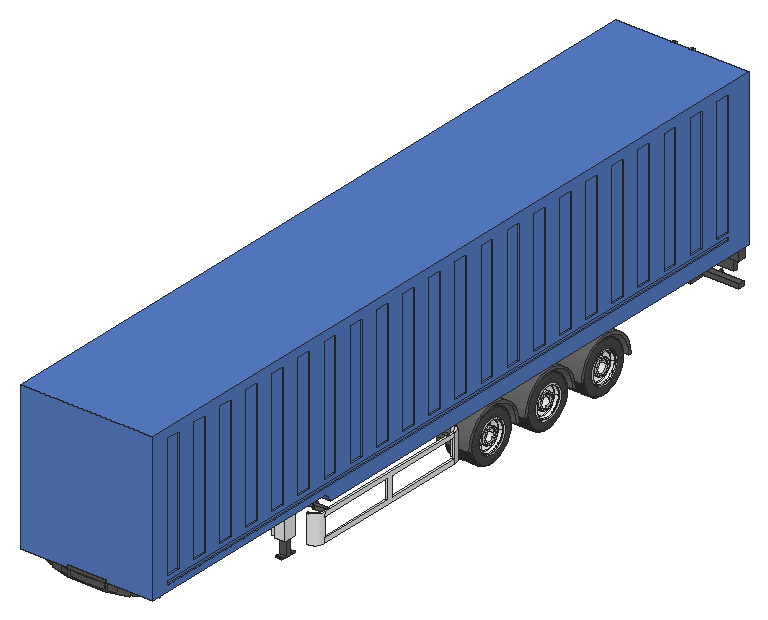
Revit family "Lorry Trailer", category Generic Models, Revit 2013
Parameters
  Zadní odrazka [instance] = Plast - světle oranžový
  Materiál zadního nárazníku [instance] = Metalíza - černá
  Materiál podvozku [instance] = Metalíza - černá
  Materiál opěrných noh [instance] = Metalíza - černá
  Materiál krytu kol [instance] = Plast - tmavě šedý
  Materiál krytu opěrek [instance] = Hliník - eloxovaný
  Materiál kování dveří [instance] = Ocel - černá
  Materiál držáku krytu [instance] = Plast - tmavě šedý
  Materiál bočních krytů [instance] = Ocel - černá
  Materiál boxu [instance] = Metalíza - modrá
Reference planes (m)
  plane 1 "Centro (Fronte/Retro)": y = 0
  plane 2: z = 0
  plane 3 "Centro (Sinistra/Destra)": x = 0
  plane 4: y = 13.73
  plane 5: y = 1.655
  plane 6: y = 8.03
  plane 7: y = 9.34
  plane 8: y = 10.65
  plane 9: y = 3.73
  plane 10: z = 1.08
  plane 11: z = 1.3
  plane 12: x = -1.2
  plane 13: x = 1.2
  plane 14: x = 1.24
  plane 15: x = -1.24
Forms (m)
  Sweep 1, solid, material "Metalíza - černá" <- "Materiál podvozku"
    path origin (0, 0, -0.12) x (0, 1, 0) y (0, 0, -1)
      loop
        line (3.73, -1.2) -> (13.73, -1.2)
    profile origin (0, 8.73, 1.08) x (0, 0, -1) y (-1, 0, 0)
      loop
        line (0, -0.52) -> (0, -0.555) -> (0.02375, -0.555) -> (0.02375, -0.5375) -> (0.375, -0.5375) -> (0.375, -0.555) -> (0.4, -0.555) -> (0.4, -0.52) -> (0.4, -0.435) -> (0.375, -0.435) -> (0.375, -0.4525) -> (0.02375, -0.4525) -> (0.02375, -0.435) -> (0, -0.435) -> (0, -0.52)
  Extrusion 2, solid, material "Plast - tmavě šedý" <- "Materiál krytu kol"
    sketch origin (0, 0, 0) x (0, 1, 0) y (0, 0, 1)
      loop
        arc (7.485858, 0.46) -> (8.022929, 0.997071) -> (8.56, 0.46) r 0.537071
        line (8.56, 0.46) -> (8.6, 0.46)
        arc (8.6, 0.46) -> (8.022929, 1.037071) -> (7.445858, 0.46) r 0.577071
        line (7.445858, 0.46) -> (7.485858, 0.46)
    from 0.601472 to 1.2
  Extrusion 3, solid, material "Plast - tmavě šedý" <- "Materiál krytu kol"
    sketch origin (0, 1.31, 0) x (0, 1, 0) y (0, 0, 1)
      loop
        arc (7.485858, 0.46) -> (8.022929, 0.997071) -> (8.56, 0.46) r 0.537071
        line (8.56, 0.46) -> (8.6, 0.46)
        arc (8.6, 0.46) -> (8.022929, 1.037071) -> (7.445858, 0.46) r 0.577071
        line (7.445858, 0.46) -> (7.485858, 0.46)
    from 0.601472 to 1.2
  Extrusion 4, solid, material "Plast - tmavě šedý" <- "Materiál krytu kol"
    sketch origin (0, 2.62, 0) x (0, 1, 0) y (0, 0, 1)
      loop
        arc (7.485858, 0.46) -> (8.022929, 0.997071) -> (8.56, 0.46) r 0.537071
        line (8.56, 0.46) -> (8.6, 0.46)
        arc (8.6, 0.46) -> (8.022929, 1.037071) -> (7.445858, 0.46) r 0.577071
        line (7.445858, 0.46) -> (7.485858, 0.46)
    from 0.601472 to 1.2
  Extrusion 5, solid, material "Plast - tmavě šedý" <- "Materiál krytu kol"
    sketch origin (0, 0, 0) x (0, 1, 0) y (0, 0, -1)
      loop
        line (7.485858, -0.46) -> (7.445858, -0.46)
        arc (7.445858, -0.46) -> (8.022929, -1.037071) -> (8.6, -0.46) r 0.577071
        line (8.6, -0.46) -> (8.56, -0.46)
        arc (8.56, -0.46) -> (8.022929, -0.997071) -> (7.485858, -0.46) r 0.537071
    from 0.601472 to 1.2
  Extrusion 6, solid, material "Plast - tmavě šedý" <- "Materiál krytu kol"
    sketch origin (0, 1.31, 0) x (0, 1, 0) y (0, 0, -1)
      loop
        line (7.485858, -0.46) -> (7.445858, -0.46)
        arc (7.445858, -0.46) -> (8.022929, -1.037071) -> (8.6, -0.46) r 0.577071
        line (8.6, -0.46) -> (8.56, -0.46)
        arc (8.56, -0.46) -> (8.022929, -0.997071) -> (7.485858, -0.46) r 0.537071
    from 0.601472 to 1.2
  Extrusion 7, solid, material "Plast - tmavě šedý" <- "Materiál krytu kol"
    sketch origin (0, 2.62, 0) x (0, 1, 0) y (0, 0, -1)
      loop
        line (7.485858, -0.46) -> (7.445858, -0.46)
        arc (7.445858, -0.46) -> (8.022929, -1.037071) -> (8.6, -0.46) r 0.577071
        line (8.6, -0.46) -> (8.56, -0.46)
        arc (8.56, -0.46) -> (8.022929, -0.997071) -> (7.485858, -0.46) r 0.537071
    from 0.601472 to 1.2
  Extrusion 8, solid, material "Metalíza - černá" <- "Materiál podvozku"
    sketch origin (0, 0, 0) x (0, 1, 0) y (0, 0, 1)
      loop
        line (0.125701, 1.3) -> (0.125701, 1.099053) -> (2.654861, 1.08) -> (3.233592, 0.977954)
        arc (3.233592, 0.977954) -> (3.50284, 0.879748) -> (3.73, 0.705) r 0.940336
        line (3.73, 0.705) -> (4.23, 0.705) -> (4.23, 1.01437) -> (4.03, 1.3) -> (3.73, 1.3) -> (0.125701, 1.3)
    from -0.418281 to -0.337018
  Extrusion 9, solid, material "Metalíza - černá" <- "Materiál podvozku"
    sketch origin (0, 0, 0) x (1, 0, 0) y (0, 1, 0)
      loop
        line (-0.337018, 3.93) -> (-0.337018, 3.793959) -> (0.337018, 3.793959) -> (0.337018, 3.93) -> (-0.337018, 3.93)
    from 0.76145 to 1.016123
  Sweep 10, solid, material "Metalíza - černá" <- "Materiál podvozku"
    path origin (0, 0, -0.12) x (0, 1, 0) y (0, 0, 1)
      loop
        line (3.73, 1.2) -> (13.73, 1.2)
    profile origin (0, 8.73, 1.08) x (0, 0, 1) y (1, 0, 0)
      loop
        line (0, -0.52) -> (0, -0.435) -> (-0.02375, -0.435) -> (-0.02375, -0.4525) -> (-0.375, -0.4525) -> (-0.375, -0.435) -> (-0.4, -0.435) -> (-0.4, -0.52) -> (-0.4, -0.555) -> (-0.375, -0.555) -> (-0.375, -0.5375) -> (-0.02375, -0.5375) -> (-0.02375, -0.555) -> (0, -0.555) -> (0, -0.52)
  Extrusion 11, solid, material "Metalíza - černá" <- "Materiál podvozku"
    sketch origin (0, 0, 0) x (0, 1, 0) y (0, 0, -1)
      loop
        line (0.125701, -1.3) -> (3.73, -1.3) -> (4.03, -1.3) -> (4.23, -1.01437) -> (4.23, -0.705) -> (3.73, -0.705)
        arc (3.73, -0.705) -> (3.50284, -0.879748) -> (3.233592, -0.977954) r 0.940336
        line (3.233592, -0.977954) -> (2.654861, -1.08) -> (0.125701, -1.099053) -> (0.125701, -1.3)
    from -0.418281 to -0.337018
  Extrusion 12, solid, material "Metalíza - černá" <- "Materiál podvozku"
    sketch origin (0, 0, 0) x (1, 0, 0) y (0, 1, 0)
      loop
        line (-0.435, 4.475034) -> (-0.435, 3.73) -> (-0.257018, 3.73) -> (-0.257018, 4.039079) -> (-0.435, 4.475034)
    from 0.68 to 1.08
  Extrusion 13, void
    sketch origin (0, 0, 0) x (0, 1, 0) y (0, 0, 1)
      loop
        line (3.73, 0.705) -> (4.522803, 0.705) -> (4.522803, 1.05625) -> (3.73, 1.05625) -> (3.73, 0.705)
    from -0.38812 to -0.222813
  Extrusion 14, solid, material "Metalíza - černá" <- "Materiál podvozku"
    sketch origin (0, 0, 0) x (-1, 0, 0) y (0, -1, 0)
      loop
        line (-0.435, -4.475034) -> (-0.257018, -4.039079) -> (-0.257018, -3.73) -> (-0.435, -3.73) -> (-0.435, -4.475034)
    from 0.68 to 1.08
  Extrusion 15, void
    sketch origin (0, 0, 0) x (0, 1, 0) y (0, 0, -1)
      loop
        line (3.73, -0.705) -> (3.73, -1.05625) -> (4.522803, -1.05625) -> (4.522803, -0.705) -> (3.73, -0.705)
    from -0.38812 to -0.222813
  Extrusion 16, solid, material "Metalíza - černá" <- "Materiál podvozku"
    sketch origin (0, 0, 0) x (1, 0, 0) y (0, 0, 1)
      loop
        line (-0.4525, 0.705) -> (-0.435, 0.705) -> (-0.337018, 0.76145) -> (0, 0.76145) -> (0.337018, 0.76145) -> (0.435, 0.705) -> (0.4525, 0.705) -> (0.4525, 1.05625) -> (0.337018, 0.918624) -> (0, 0.918624) -> (-0.337018, 0.918624) -> (-0.4525, 1.05625) -> (-0.4525, 0.705)
    from -5.68776 to -5.626883
  Extrusion 17, solid, material "Metalíza - černá" <- "Materiál podvozku"
    sketch origin (0, 14.990643, 0) x (1, 0, 0) y (0, 0, -1)
      loop
        line (-0.4525, -0.705) -> (-0.4525, -1.05625) -> (-0.337018, -0.918624) -> (0, -0.918624) -> (0.337018, -0.918624) -> (0.4525, -1.05625) -> (0.4525, -0.705) -> (0.435, -0.705) -> (0.337018, -0.76145) -> (0, -0.76145) -> (-0.337018, -0.76145) -> (-0.435, -0.705) -> (-0.4525, -0.705)
    from -5.676914 to -5.625643
  Extrusion 18, solid, material "Metalíza - černá" <- "Materiál podvozku"
    sketch origin (0, 16.360643, 0) x (1, 0, 0) y (0, 0, -1)
      loop
        line (-0.4525, -0.705) -> (-0.4525, -1.05625) -> (-0.337018, -0.918624) -> (0, -0.918624) -> (0.337018, -0.918624) -> (0.4525, -1.05625) -> (0.4525, -0.705) -> (0.435, -0.705) -> (0.337018, -0.76145) -> (0, -0.76145) -> (-0.337018, -0.76145) -> (-0.435, -0.705) -> (-0.4525, -0.705)
    from -5.674549 to -5.625643
  Extrusion 19, solid, material "Metalíza - černá" <- "Materiál podvozku"
    sketch origin (0, 17.620643, 0) x (1, 0, 0) y (0, 0, -1)
      loop
        line (-0.4525, -0.705) -> (-0.4525, -1.05625) -> (-0.337018, -0.918624) -> (0, -0.918624) -> (0.337018, -0.918624) -> (0.4525, -1.05625) -> (0.4525, -0.705) -> (0.435, -0.705) -> (0.337018, -0.76145) -> (0, -0.76145) -> (-0.337018, -0.76145) -> (-0.435, -0.705) -> (-0.4525, -0.705)
    from -5.641635 to -5.582949
  Extrusion 20, solid, material "Metalíza - černá" <- "Materiál podvozku"
    sketch origin (0, 0, 0) x (1, 0, 0) y (0, 1, 0)
      loop
        line (-0.337018, 3.793959) -> (0.435, 5.582949) -> (0.435, 5.727438) -> (-0.385, 7.961549) -> (-0.385, 8.080818) -> (0.4525, 9.262662) -> (0.4525, 9.407694) -> (-0.4525, 10.743525) -> (-0.4525, 10.652583) -> (0.4025, 9.390555) -> (0.4025, 9.278582) -> (-0.435, 8.096738) -> (-0.435, 7.952662) -> (0.385, 5.718552) -> (0.385, 5.593277) -> (-0.337018, 3.920151) -> (-0.337018, 3.793959)
    from 0.871501 to 0.946223
  Extrusion 21, solid, material "Metalíza - černá" <- "Materiál zadního nárazníku"
    sketch origin (0, 0, 0) x (1, 0, 0) y (0, 0, 1)
      loop
        line (0.555, 1.08) -> (-1.2, 1.08) -> (-1.2, 0.9) -> (1.2, 0.9) -> (1.2, 1.08) -> (0.555, 1.08)
    from -13.881876 to -13.73
  Extrusion 22, solid, material "Metalíza - černá" <- "Materiál zadního nárazníku"
    sketch origin (0, 0, 0) x (0, 1, 0) y (0, 0, 1)
      loop
        line (13.65, 1.08) -> (13.881876, 1.08) -> (13.881876, 0.9) -> (13.73, 0.9) -> (13.73, 0.532365) -> (13.795, 0.532365) -> (13.795, 0.88) -> (13.91, 0.88) -> (13.91, 1.1) -> (13.65, 1.1) -> (13.65, 1.08)
    from 0.435 to 0.555
  Extrusion 23, solid, material "Metalíza - černá" <- "Materiál zadního nárazníku"
    sketch origin (0, 0, 0) x (0, 1, 0) y (0, 0, -1)
      loop
        line (13.65, -1.08) -> (13.65, -1.1) -> (13.91, -1.1) -> (13.91, -0.88) -> (13.795, -0.88) -> (13.795, -0.532365) -> (13.73, -0.532365) -> (13.73, -0.9) -> (13.881876, -0.9) -> (13.881876, -1.08) -> (13.65, -1.08)
    from 0.435 to 0.555
  Extrusion 24, solid, material "Metalíza - černá" <- "Materiál zadního nárazníku"
    sketch origin (0, 0, -0.6) x (1, 0, 0) y (0, 0, 1)
      loop
        line (0.555, 1.132365) -> (-1.2, 1.132365) -> (-1.2, 1.037051) -> (1.2, 1.037051) -> (1.2, 1.132365) -> (0.555, 1.132365)
    from -13.845149 to -13.73
  Extrusion 25, solid, material "Metalíza - černá" <- "Materiál podvozku"
    sketch origin (0, 0, 0) x (0, 1, 0) y (0, 0, 1)
      loop
        line (13.69, 0.68) -> (13.43, 0.68) -> (13.43, 0.437051) -> (13.69, 0.437051) -> (13.69, 0.68)
    from -0.555 to -0.435
  Extrusion 26, solid, material "Metalíza - černá" <- "Materiál podvozku"
    sketch origin (0, 0, 0) x (0, 1, 0) y (0, 0, -1)
      loop
        line (13.69, -0.68) -> (13.69, -0.437051) -> (13.43, -0.437051) -> (13.43, -0.68) -> (13.69, -0.68)
    from -0.555 to -0.435
  Extrusion 27, solid, material "Metalíza - černá" <- "Materiál podvozku"
    sketch origin (0, 0, 0) x (0, 1, 0) y (0, 0, 1)
      loop
        circle (13.562223, 0.55427) r 0.1
    from -0.435 to 0.435
  Extrusion 28, solid, material "Metalíza - černá" <- "Materiál podvozku"
    sketch origin (0, 0, 0) x (1, 0, 0) y (0, 1, 0)
      loop
        line (0.5375, 11.584689) -> (1.112334, 13.73) -> (1.012334, 13.73) -> (0.5375, 11.957894) -> (0.5375, 11.584689)
      loop
        line (-0.5375, 11.584689) -> (-0.5375, 11.957894) -> (-1.012334, 13.73) -> (-1.112334, 13.73) -> (-0.5375, 11.584689)
    from 0.997131 to 1.08
  Extrusion 29, solid, material "Plast - tmavě šedý" <- "Materiál držáku krytu"
    sketch origin (0, 0.075, 0) x (1, 0, 0) y (0, 1, 0)
      loop
        line (0.5375, 4.13) -> (0.5375, 4.11) -> (0.9175, 4.11) -> (0.9175, 4.07) -> (0.9375, 4.07) -> (0.9375, 4.085) -> (1.164927, 4.085) -> (1.164927, 4.15) -> (0.9375, 4.15) -> (0.9375, 4.17) -> (0.9175, 4.17) -> (0.9175, 4.13) -> (0.5375, 4.13)
    from 0.871501 to 0.946223
  Extrusion 30, solid, material "Ocel - černá" <- "Materiál bočních krytů"
    sketch origin (0, 0, 0) x (1, 0, 0) y (0, 1, 0)
      loop
        arc (1.011525, 3.900832) -> (1.144797, 3.956035) -> (1.2, 4.089307) r 0.188475
        line (1.2, 4.089307) -> (1.17, 4.089307)
        arc (1.17, 4.089307) -> (1.123584, 3.977248) -> (1.011525, 3.930832) r 0.158475
        line (1.011525, 3.930832) -> (1.011525, 3.900832)
      loop
        line (1.011525, 7.29628) -> (1.011525, 7.26628)
        arc (1.011525, 7.26628) -> (1.123584, 7.219863) -> (1.17, 7.107804) r 0.158475
        line (1.17, 7.107804) -> (1.2, 7.107804)
        arc (1.2, 7.107804) -> (1.144797, 7.241076) -> (1.011525, 7.29628) r 0.188475
    from 0.423086 to 0.946223
  Extrusion 31, solid, material "Ocel - černá" <- "Materiál bočních krytů"
    sketch origin (0, 0, 0) x (0, 1, 0) y (0, 0, 1)
      loop
        line (4.089307, 0.423086) -> (7.107804, 0.423086) -> (7.107804, 0.503086) -> (5.638556, 0.503086) -> (5.638556, 0.866223) -> (7.107804, 0.866223) -> (7.107804, 0.946223) -> (4.089307, 0.946223) -> (4.089307, 0.866223) -> (5.558556, 0.866223) -> (5.558556, 0.503086) -> (4.089307, 0.503086) -> (4.089307, 0.423086)
    from 1.164927 to 1.2
  Extrusion 32, solid, material "Plast - tmavě šedý" <- "Materiál držáku krytu"
    sketch origin (0, 2.875, 0) x (1, 0, 0) y (0, 1, 0)
      loop
        line (0.5375, 4.13) -> (0.5375, 4.11) -> (0.9175, 4.11) -> (0.9175, 4.07) -> (0.9375, 4.07) -> (0.9375, 4.085) -> (1.164927, 4.085) -> (1.164927, 4.15) -> (0.9375, 4.15) -> (0.9375, 4.17) -> (0.9175, 4.17) -> (0.9175, 4.13) -> (0.5375, 4.13)
    from 0.871501 to 0.946223
  Extrusion 33, solid, material "Plast - tmavě šedý" <- "Materiál držáku krytu"
    sketch origin (0, 0.075, 0) x (-1, 0, 0) y (0, -1, 0)
      loop
        line (0.5375, -4.13) -> (0.9175, -4.13) -> (0.9175, -4.17) -> (0.9375, -4.17) -> (0.9375, -4.15) -> (1.164927, -4.15) -> (1.164927, -4.085) -> (0.9375, -4.085) -> (0.9375, -4.07) -> (0.9175, -4.07) -> (0.9175, -4.11) -> (0.5375, -4.11) -> (0.5375, -4.13)
    from 0.871501 to 0.946223
  Extrusion 34, solid, material "Ocel - černá" <- "Materiál bočních krytů"
    sketch origin (0, 0, 0) x (-1, 0, 0) y (0, -1, 0)
      loop
        line (1.011525, -3.900832) -> (1.011525, -3.930832)
        arc (1.011525, -3.930832) -> (1.123584, -3.977248) -> (1.17, -4.089307) r 0.158475
        line (1.17, -4.089307) -> (1.2, -4.089307)
        arc (1.2, -4.089307) -> (1.144797, -3.956035) -> (1.011525, -3.900832) r 0.188475
      loop
        arc (1.011525, -7.29628) -> (1.144797, -7.241076) -> (1.2, -7.107804) r 0.188475
        line (1.2, -7.107804) -> (1.17, -7.107804)
        arc (1.17, -7.107804) -> (1.123584, -7.219863) -> (1.011525, -7.26628) r 0.158475
        line (1.011525, -7.26628) -> (1.011525, -7.29628)
    from 0.423086 to 0.946223
  Extrusion 35, solid, material "Ocel - černá" <- "Materiál bočních krytů"
    sketch origin (0, 0, 0) x (0, 1, 0) y (0, 0, -1)
      loop
        line (4.089307, -0.423086) -> (4.089307, -0.503086) -> (5.558556, -0.503086) -> (5.558556, -0.866223) -> (4.089307, -0.866223) -> (4.089307, -0.946223) -> (7.107804, -0.946223) -> (7.107804, -0.866223) -> (5.638556, -0.866223) -> (5.638556, -0.503086) -> (7.107804, -0.503086) -> (7.107804, -0.423086) -> (4.089307, -0.423086)
    from 1.164927 to 1.2
  Extrusion 36, solid, material "Plast - tmavě šedý" <- "Materiál držáku krytu"
    sketch origin (0, 2.875, 0) x (-1, 0, 0) y (0, -1, 0)
      loop
        line (0.5375, -4.13) -> (0.9175, -4.13) -> (0.9175, -4.17) -> (0.9375, -4.17) -> (0.9375, -4.15) -> (1.164927, -4.15) -> (1.164927, -4.085) -> (0.9375, -4.085) -> (0.9375, -4.07) -> (0.9175, -4.07) -> (0.9175, -4.11) -> (0.5375, -4.11) -> (0.5375, -4.13)
    from 0.871501 to 0.946223
  Extrusion 37, solid, material "Ocel - nerez"
    sketch origin (0, 0, 0) x (1, 0, 0) y (0, 1, 0)
      loop
        line (-0.181719, 0.125701) -> (0.181719, 0.125701) -> (0.181719, 1.299511) -> (-0.181719, 1.299511) -> (-0.181719, 0.125701)
    from 1.235735 to 1.3
  Extrusion 38, solid, material "Metalíza - černá" <- "Materiál podvozku"
    sketch origin (-0.76, 0, 0) x (1, 0, 0) y (0, 1, 0)
      loop
        line (0.524883, 0.125701) -> (0.578281, 0.125701) -> (0.578281, 1.299511) -> (0.524883, 1.299511) -> (0.524883, 0.125701)
    from 1.1 to 1.3
  Extrusion 39, solid, material "Metalíza - černá" <- "Materiál podvozku"
    sketch origin (0.76, 0, 0) x (-1, 0, 0) y (0, -1, 0)
      loop
        line (0.524883, -0.125701) -> (0.524883, -1.299511) -> (0.578281, -1.299511) -> (0.578281, -0.125701) -> (0.524883, -0.125701)
    from 1.1 to 1.3
  Extrusion 40, solid, material "Metalíza - černá" <- "Materiál podvozku"
    sketch origin (0, 0.03, 0) x (1, 0, 0) y (0, 1, 0)
      loop
        line (-0.917018, 0.095701) -> (-0.917018, 0) -> (0.917018, 0) -> (0.917018, 0.095701) -> (-0.917018, 0.095701)
    from 1.1 to 1.3
  Extrusion 41, solid, material "Metalíza - černá" <- "Materiál podvozku"
    sketch origin (1.144883, 0.855117, 0) x (0, 1, 0) y (-1, 0, 0)
      loop
        line (0.444393, 0.807865) -> (0.496153, 0.807865) -> (0.496153, 1.481901) -> (0.444393, 1.481901) -> (0.444393, 0.807865)
    from 1.1 to 1.3
  Extrusion 42, solid, material "Metalíza - černá" <- "Materiál podvozku"
    sketch origin (1.144883, 2.604883, 0) x (0, -1, 0) y (1, 0, 0)
      loop
        line (0.593613, -0.807865) -> (0.593613, -1.481901) -> (0.645372, -1.481901) -> (0.645372, -0.807865) -> (0.593613, -0.807865)
    from 1.1 to 1.3
  Extrusion 43, solid, material "Metalíza - černá" <- "Materiál podvozku"
    sketch origin (-0.76, 1.7, 0) x (1, 0, 0) y (0, 1, 0)
      loop
        line (0.524883, -0.34873) -> (0.578281, -0.34873) -> (0.578281, 0.259511) -> (0.524883, 0.259511) -> (0.524883, -0.34873)
    from 1.1 to 1.3
  Extrusion 44, solid, material "Metalíza - černá" <- "Materiál podvozku"
    sketch origin (0.76, 1.7, 0) x (-1, 0, 0) y (0, -1, 0)
      loop
        line (0.524883, 0.34873) -> (0.524883, -0.259511) -> (0.578281, -0.259511) -> (0.578281, 0.34873) -> (0.524883, 0.34873)
    from 1.1 to 1.3
  Extrusion 45, solid, material "Metalíza - černá" <- "Materiál podvozku"
    sketch origin (0, -0.135, 0) x (1, 0, 0) y (0, 1, 0)
      loop
        line (-0.337018, 2.026601) -> (-0.337018, 1.73)
        arc (-0.337018, 1.73) -> (-0.235547, 1.505526) -> (0, 1.433399) r 0.299025
        arc (0, 1.433399) -> (0.235547, 1.505526) -> (0.337018, 1.73) r 0.299025
        line (0.337018, 1.73) -> (0.337018, 2.159511) -> (0.186837, 2.159511) -> (0.037993, 1.73) -> (0.023851, 1.715858)
        arc (0.023851, 1.715858) -> (0, 1.705978) -> (-0.023851, 1.715858) r 0.033731
        line (-0.023851, 1.715858) -> (-0.037993, 1.73) -> (-0.187148, 2.160408) -> (-0.337018, 2.160408) -> (-0.337018, 2.026601)
    from 1.016123 to 1.08
  Extrusion 46, solid, material "Metalíza - černá" <- "Materiál podvozku"
    sketch origin (0, 0.08, 0) x (1, 0, 0) y (0, 1, 0)
      loop
        line (-0.235117, 0.697606) -> (-1.126124, 0.243615)
        arc (-1.126124, 0.243615) -> (0, -0.08) -> (1.126124, 0.243615) r 2.121164
        line (1.126124, 0.243615) -> (0.235117, 0.697606) -> (-0.235117, 0.697606)
    from 1.128453 to 1.235735
  Extrusion 47, void
    sketch origin (0, 0, 0) x (1, 0, 0) y (0, 1, 0)
      loop
        line (-0.917018, 0.125701) -> (-0.917018, 0.03) -> (-0.355485, 0.03)
        arc (-0.355485, 0.03) -> (-0.539543, 0.069767) -> (-0.719349, 0.125701) r 2.121164
        line (-0.719349, 0.125701) -> (-0.917018, 0.125701)
      loop
        line (0.917018, 0.125701) -> (0.719349, 0.125701)
        arc (0.719349, 0.125701) -> (0.539543, 0.069767) -> (0.355485, 0.03) r 2.121164
        line (0.355485, 0.03) -> (0.917018, 0.03) -> (0.917018, 0.125701)
    from 1.016123 to 1.357117
  Extrusion 48, solid, material "Metalíza - černá" <- "Materiál podvozku"
    sketch origin (0, 13.680643, 0) x (1, 0, 0) y (0, 0, -1)
      loop
        line (-0.4525, -0.705) -> (-0.4525, -1.05625) -> (-0.337018, -0.918624) -> (0, -0.918624) -> (0.337018, -0.918624) -> (0.4525, -1.05625) -> (0.4525, -0.705) -> (0.435, -0.705) -> (0.337018, -0.76145) -> (0, -0.76145) -> (-0.337018, -0.76145) -> (-0.435, -0.705) -> (-0.4525, -0.705)
    from -5.676914 to -5.625643
  Extrusion 49, solid, material "Ocel - nerez"
    sketch origin (0.435, 0, 0) x (0, 1, 0) y (0, 0, 1)
      loop
        line (11.202683, 0.57275) -> (11.781, 0.57275) -> (11.781, 0.743849) -> (11.202683, 0.743849) -> (11.202683, 0.57275)
    from -0.525257 to -0.348186
  Extrusion 50, solid, material "Metalíza - černá" <- "Materiál podvozku"
    sketch origin (0, 0, 0) x (1, 0, 0) y (0, 1, 0)
      loop
        line (-0.4525, 11.639008) -> (-0.4525, 11.602304) -> (0.4525, 11.602304) -> (0.4525, 11.639008) -> (-0.4525, 11.639008)
      loop
        line (-0.4525, 11.405063) -> (-0.4525, 11.368359) -> (0.4525, 11.368359) -> (0.4525, 11.405063) -> (-0.4525, 11.405063)
    from 0.705 to 0.918624
  Extrusion 51, solid, material "Hliník - eloxovaný" <- "Materiál krytu opěrek"
    sketch origin (0.418281, 0.24, 0) x (0, -1, 0) y (0, 0, -1)
      loop
        line (-3.510846, -1.08) -> (-3.510846, -0.423086) -> (-3.73, -0.423086) -> (-3.73, -1.08) -> (-3.510846, -1.08)
    from 0.119219 to 0.306745
  Extrusion 52, solid, material "Hliník - eloxovaný" <- "Materiál krytu opěrek"
    sketch origin (-0.418281, 0.24, 0) x (0, -1, 0) y (0, 0, 1)
      loop
        line (-3.510846, 1.08) -> (-3.73, 1.08) -> (-3.73, 0.423086) -> (-3.510846, 0.423086) -> (-3.510846, 1.08)
    from 0.119219 to 0.306745
  Extrusion 53, solid, material "Hliník - eloxovaný" <- "Materiál krytu opěrek"
    sketch origin (0, 0, 0) x (1, 0, 0) y (0, 1, 0)
      loop
        line (0.435, 3.93) -> (0.435, 3.793959) -> (0.5375, 3.793959) -> (0.5375, 3.93) -> (0.435, 3.93)
    from 0.423086 to 0.871501
  Extrusion 54, solid, material "Hliník - eloxovaný" <- "Materiál krytu opěrek"
    sketch origin (0, 0, 0) x (-1, 0, 0) y (0, -1, 0)
      loop
        line (0.435, -3.93) -> (0.5375, -3.93) -> (0.5375, -3.793959) -> (0.435, -3.793959) -> (0.435, -3.93)
    from 0.423086 to 0.871501
  Extrusion 55, solid, material "Metalíza - černá" <- "Materiál opěrných noh"
    sketch origin (0.725027, 0.27, 0) x (0, -1, 0) y (0, 0, -1)
      loop
        line (-3.553959, -0.423086) -> (-3.553959, -0.145326) -> (-3.49, -0.145326)
        arc (-3.49, -0.145326) -> (-3.46872, -0.146474) -> (-3.447687, -0.149906) r 0.19776
        line (-3.447687, -0.149906) -> (-3.447687, -0.127193)
        arc (-3.447687, -0.127193) -> (-3.468744, -0.124115) -> (-3.49, -0.123086) r 0.22
        line (-3.49, -0.123086) -> (-3.623959, -0.123086) -> (-3.687917, -0.123086)
        arc (-3.687917, -0.123086) -> (-3.709173, -0.124115) -> (-3.73023, -0.127193) r 0.22
        line (-3.73023, -0.127193) -> (-3.73023, -0.149906)
        arc (-3.73023, -0.149906) -> (-3.709197, -0.146474) -> (-3.687917, -0.145326) r 0.19776
        line (-3.687917, -0.145326) -> (-3.621979, -0.145326) -> (-3.621979, -0.423086) -> (-3.553959, -0.423086)
    from -0.155752 to -0.028439
  Extrusion 56, solid, material "Metalíza - černá" <- "Materiál opěrných noh"
    sketch origin (-0.725027, 0.27, 0) x (0, -1, 0) y (0, 0, 1)
      loop
        line (-3.553959, 0.423086) -> (-3.621979, 0.423086) -> (-3.621979, 0.143086) -> (-3.687917, 0.143086)
        arc (-3.687917, 0.143086) -> (-3.709922, 0.146172) -> (-3.73023, 0.155191) r 0.08
        line (-3.73023, 0.155191) -> (-3.73023, 0.132479)
        arc (-3.73023, 0.132479) -> (-3.709589, 0.125462) -> (-3.687917, 0.123086) r 0.1
        line (-3.687917, 0.123086) -> (-3.623959, 0.123086) -> (-3.49, 0.123086)
        arc (-3.49, 0.123086) -> (-3.468329, 0.125462) -> (-3.447687, 0.132479) r 0.1
        line (-3.447687, 0.132479) -> (-3.447687, 0.155191)
        arc (-3.447687, 0.155191) -> (-3.467995, 0.146172) -> (-3.49, 0.143086) r 0.08
        line (-3.49, 0.143086) -> (-3.553959, 0.143086) -> (-3.553959, 0.423086)
    from -0.155752 to -0.028439
  Extrusion 57, solid, material "Metalíza - černá" <- "Materiál zadního nárazníku"
    sketch origin (0.555, 0, 0) x (0, -1, 0) y (0, 0, -1)
      loop
        line (-13.795, -0.9) -> (-13.795, -0.66) -> (-13.855, -0.66) -> (-13.855, -0.9) -> (-13.795, -0.9)
    from 0 to 0.514844
  Extrusion 58, solid, material "Metalíza - černá" <- "Materiál zadního nárazníku"
    sketch origin (-0.555, 0, 0) x (0, -1, 0) y (0, 0, 1)
      loop
        line (-13.795, 0.9) -> (-13.855, 0.9) -> (-13.855, 0.66) -> (-13.795, 0.66) -> (-13.795, 0.9)
    from 0 to 0.514844
  Extrusion 59, solid, material "Plast - světle oranžový" <- "Zadní odrazka"
    sketch origin (0, 13.845149, -0.6) x (-1, 0, 0) y (0, 0, 1)
      loop
        line (-0.786428, 1.179701) -> (-0.883849, 1.037051) -> (-0.689006, 1.037051) -> (-0.786428, 1.179701)
    from 0 to 0.009851
  Extrusion 60, solid, material "Plast - světle oranžový" <- "Zadní odrazka"
    sketch origin (0, 13.845149, -0.6) x (1, 0, 0) y (0, 0, -1)
      loop
        line (-0.786428, -1.179701) -> (-0.689006, -1.037051) -> (-0.883849, -1.037051) -> (-0.786428, -1.179701)
    from 0 to 0.009851
  Extrusion 61, solid, material "Metalíza - černá" <- "Materiál zadního nárazníku"
    sketch origin (0, 13.845149, -0.6) x (-1, 0, 0) y (0, 0, 1)
      loop
        line (-0.435, 1.132365) -> (0.435, 1.132365) -> (0.435, 1.312365) -> (-0.435, 1.312365) -> (-0.435, 1.132365)
      loop
        line (-0.415, 1.156018) -> (-0.235, 1.156018) -> (-0.235, 1.288998) -> (-0.415, 1.288998) -> (-0.415, 1.156018)
      loop
        line (-0.215, 1.156018) -> (-0.02, 1.156018) -> (-0.02, 1.288998) -> (-0.215, 1.288998) -> (-0.215, 1.156018)
      loop
        line (0.415, 1.156018) -> (0.415, 1.288998) -> (0.235, 1.288998) -> (0.235, 1.156018) -> (0.415, 1.156018)
      loop
        line (0.215, 1.156018) -> (0.215, 1.288998) -> (0.02, 1.288998) -> (0.02, 1.156018) -> (0.215, 1.156018)
    from -0.068373 to -0.050149
  Extrusion 62, solid, material "Metalíza - černá" <- "Materiál zadního nárazníku"
    sketch origin (0.435, 0, 0) x (0, 1, 0) y (0, 0, 1)
      loop
        line (13.776776, 0.712365) -> (13.771776, 0.712365) -> (13.771776, 0.532365) -> (13.776776, 0.532365) -> (13.776776, 0.712365)
    from -0.87 to 0
  Extrusion 63, solid, material "Metalíza - modrá" <- "Materiál boxu"
    sketch origin (0.555, 3.73, 0.68) x (0, 1, 0) y (0, 0, 1)
      loop
        line (10.18, 0.425) -> (10.18, 3.32) -> (-3.7, 3.32) -> (-3.7, 0.575735) -> (0.330994, 0.575735) -> (0.43654, 0.425) -> (10.18, 0.425)
    from -1.795 to 0.685
  Extrusion 64, void
    sketch origin (0, 0, 0) x (1, 0, 0) y (0, 1, 0)
      loop
        line (-1.24, 0.34) -> (-1.2, 0.34) -> (-1.2, 0.64) -> (-1.24, 0.64) -> (-1.24, 0.34)
      loop
        line (-1.24, 0.95) -> (-1.2, 0.95) -> (-1.2, 1.25) -> (-1.24, 1.25) -> (-1.24, 0.95)
      loop
        line (-1.24, 1.56) -> (-1.2, 1.56) -> (-1.2, 1.86) -> (-1.24, 1.86) -> (-1.24, 1.56)
      loop
        line (-1.24, 2.17) -> (-1.2, 2.17) -> (-1.2, 2.47) -> (-1.24, 2.47) -> (-1.24, 2.17)
      loop
        line (-1.24, 2.78) -> (-1.2, 2.78) -> (-1.2, 3.08) -> (-1.24, 3.08) -> (-1.24, 2.78)
      loop
        line (-1.24, 3.39) -> (-1.2, 3.39) -> (-1.2, 3.69) -> (-1.24, 3.69) -> (-1.24, 3.39)
      loop
        line (-1.24, 4) -> (-1.2, 4) -> (-1.2, 4.3) -> (-1.24, 4.3) -> (-1.24, 4)
      loop
        line (-1.24, 4.61) -> (-1.2, 4.61) -> (-1.2, 4.91) -> (-1.24, 4.91) -> (-1.24, 4.61)
      loop
        line (-1.24, 5.22) -> (-1.2, 5.22) -> (-1.2, 5.52) -> (-1.24, 5.52) -> (-1.24, 5.22)
      loop
        line (-1.24, 5.83) -> (-1.2, 5.83) -> (-1.2, 6.13) -> (-1.24, 6.13) -> (-1.24, 5.83)
      loop
        line (-1.24, 6.44) -> (-1.2, 6.44) -> (-1.2, 6.74) -> (-1.24, 6.74) -> (-1.24, 6.44)
      loop
        line (-1.24, 7.05) -> (-1.2, 7.05) -> (-1.2, 7.35) -> (-1.24, 7.35) -> (-1.24, 7.05)
      loop
        line (-1.24, 7.66) -> (-1.2, 7.66) -> (-1.2, 7.96) -> (-1.24, 7.96) -> (-1.24, 7.66)
      loop
        line (-1.24, 8.27) -> (-1.2, 8.27) -> (-1.2, 8.57) -> (-1.24, 8.57) -> (-1.24, 8.27)
      loop
        line (-1.24, 8.88) -> (-1.2, 8.88) -> (-1.2, 9.18) -> (-1.24, 9.18) -> (-1.24, 8.88)
      loop
        line (-1.24, 9.49) -> (-1.2, 9.49) -> (-1.2, 9.79) -> (-1.24, 9.79) -> (-1.24, 9.49)
      loop
        line (-1.24, 10.1) -> (-1.2, 10.1) -> (-1.2, 10.4) -> (-1.24, 10.4) -> (-1.24, 10.1)
      loop
        line (-1.24, 10.71) -> (-1.2, 10.71) -> (-1.2, 11.01) -> (-1.24, 11.01) -> (-1.24, 10.71)
      loop
        line (-1.24, 11.32) -> (-1.2, 11.32) -> (-1.2, 11.62) -> (-1.24, 11.62) -> (-1.24, 11.32)
      loop
        line (-1.24, 11.93) -> (-1.2, 11.93) -> (-1.2, 12.23) -> (-1.24, 12.23) -> (-1.24, 11.93)
      loop
        line (-10.197548, 12.54) -> (-1.2, 12.54) -> (-1.2, 12.84) -> (-10.197548, 12.84) -> (-10.197548, 12.54)
      loop
        line (-1.24, 13.15) -> (-1.2, 13.15) -> (-1.2, 13.45) -> (-1.24, 13.45) -> (-1.24, 13.15)
    from 1.517288 to 3.835524
  Extrusion 65, void
    sketch origin (0, 0, 0) x (-1, 0, 0) y (0, -1, 0)
      loop
        line (-1.24, -0.34) -> (-1.24, -0.64) -> (-1.2, -0.64) -> (-1.2, -0.34) -> (-1.24, -0.34)
      loop
        line (-1.24, -0.95) -> (-1.24, -1.25) -> (-1.2, -1.25) -> (-1.2, -0.95) -> (-1.24, -0.95)
      loop
        line (-1.24, -1.56) -> (-1.24, -1.86) -> (-1.2, -1.86) -> (-1.2, -1.56) -> (-1.24, -1.56)
      loop
        line (-1.24, -2.17) -> (-1.24, -2.47) -> (-1.2, -2.47) -> (-1.2, -2.17) -> (-1.24, -2.17)
      loop
        line (-1.24, -2.78) -> (-1.24, -3.08) -> (-1.2, -3.08) -> (-1.2, -2.78) -> (-1.24, -2.78)
      loop
        line (-1.24, -3.39) -> (-1.24, -3.69) -> (-1.2, -3.69) -> (-1.2, -3.39) -> (-1.24, -3.39)
      loop
        line (-1.24, -4) -> (-1.24, -4.3) -> (-1.2, -4.3) -> (-1.2, -4) -> (-1.24, -4)
      loop
        line (-1.24, -4.61) -> (-1.24, -4.91) -> (-1.2, -4.91) -> (-1.2, -4.61) -> (-1.24, -4.61)
      loop
        line (-1.24, -5.22) -> (-1.24, -5.52) -> (-1.2, -5.52) -> (-1.2, -5.22) -> (-1.24, -5.22)
      loop
        line (-1.24, -5.83) -> (-1.24, -6.13) -> (-1.2, -6.13) -> (-1.2, -5.83) -> (-1.24, -5.83)
      loop
        line (-1.24, -6.44) -> (-1.24, -6.74) -> (-1.2, -6.74) -> (-1.2, -6.44) -> (-1.24, -6.44)
      loop
        line (-1.24, -7.05) -> (-1.24, -7.35) -> (-1.2, -7.35) -> (-1.2, -7.05) -> (-1.24, -7.05)
      loop
        line (-1.24, -7.66) -> (-1.24, -7.96) -> (-1.2, -7.96) -> (-1.2, -7.66) -> (-1.24, -7.66)
      loop
        line (-1.24, -8.27) -> (-1.24, -8.57) -> (-1.2, -8.57) -> (-1.2, -8.27) -> (-1.24, -8.27)
      loop
        line (-1.24, -8.88) -> (-1.24, -9.18) -> (-1.2, -9.18) -> (-1.2, -8.88) -> (-1.24, -8.88)
      loop
        line (-1.24, -9.49) -> (-1.24, -9.79) -> (-1.2, -9.79) -> (-1.2, -9.49) -> (-1.24, -9.49)
      loop
        line (-1.24, -10.1) -> (-1.24, -10.4) -> (-1.2, -10.4) -> (-1.2, -10.1) -> (-1.24, -10.1)
      loop
        line (-1.24, -10.71) -> (-1.24, -11.01) -> (-1.2, -11.01) -> (-1.2, -10.71) -> (-1.24, -10.71)
      loop
        line (-1.24, -11.32) -> (-1.24, -11.62) -> (-1.2, -11.62) -> (-1.2, -11.32) -> (-1.24, -11.32)
      loop
        line (-1.24, -11.93) -> (-1.24, -12.23) -> (-1.2, -12.23) -> (-1.2, -11.93) -> (-1.24, -11.93)
      loop
        line (-1.24, -12.54) -> (-1.24, -12.84) -> (-1.2, -12.84) -> (-1.2, -12.54) -> (-1.24, -12.54)
      loop
        line (-1.24, -13.15) -> (-1.24, -13.45) -> (-1.2, -13.45) -> (-1.2, -13.15) -> (-1.24, -13.15)
    from 1.517288 to 3.835524
  Extrusion 66, void
    sketch origin (-1.24, 3.73, 0.68) x (0, -1, 0) y (0, 0, 1)
      loop
        line (-9.72, 0.777288) -> (-9.72, 0.697288) -> (3.39, 0.697288) -> (3.39, 0.777288) -> (-9.72, 0.777288)
    from -0.04 to 0.040436
  Extrusion 67, void
    sketch origin (1.24, 3.73, 0.68) x (0, -1, 0) y (0, 0, -1)
      loop
        line (-9.72, -0.777288) -> (3.39, -0.777288) -> (3.39, -0.697288) -> (-9.72, -0.697288) -> (-9.72, -0.777288)
    from -0.04 to 0.04
  Extrusion 68, void
    sketch origin (0.555, 13.91, 1.1) x (0, 0, 1) y (1, 0, 0)
      loop
        line (2.809082, 0.605) -> (2.189082, 0.605) -> (2.189082, -1.715) -> (2.809082, -1.715) -> (2.809082, 0.605)
      loop
        line (0.029082, 0.605) -> (0.029082, -1.715) -> (0.609082, -1.715) -> (0.609082, 0.605) -> (0.029082, 0.605)
      loop
        line (2.089082, 0.605) -> (1.429082, 0.605) -> (1.429082, -1.715) -> (2.089082, -1.715) -> (2.089082, 0.605)
      loop
        line (1.329082, 0.605) -> (0.709082, 0.605) -> (0.709082, -1.715) -> (1.329082, -1.715) -> (1.329082, 0.605)
    from -0.054269 to 0.067254
  Extrusion 69, void
    sketch origin (0.555, 13.91, 1.1) x (0, 0, 1) y (1, 0, 0)
      loop
        line (2.809082, -0.545) -> (0.005, -0.545) -> (0.005, -0.565) -> (2.809082, -0.565) -> (2.809082, -0.545)
    from -0.18 to 0.067254
  Extrusion 70, solid, material "Ocel - černá" <- "Materiál kování dveří"
    sketch origin (0, 0, 0) x (1, 0, 0) y (0, 1, 0)
      loop
        circle (-0.163238, 13.925) r 0.015
      loop
        circle (0.163238, 13.925) r 0.015
    from 1.08 to 3.971644
  Revolve 71, solid, material "Metalíza - černá" <- "Materiál podvozku"
    sketch origin (0, 10.635, 0.2) x (-1, 0, 0) y (0, 0, 1)
      loop
        line (-0.70296, 0.321974) -> (-0.70296, 0.421974) -> (-0.76296, 0.421974) -> (-0.76296, 0.271974) -> (0, 0.271974) -> (0, 0.505897) -> (-0.12, 0.505897) -> (-0.18, 0.401974) -> (-0.18, 0.321974) -> (-0.70296, 0.321974)
      axis (-0.76296, 0.271974) -> (0, 0.271974)
    angle from 0 to 360
  Revolve 72, solid, material "Metalíza - černá" <- "Materiál podvozku"
    sketch origin (0, 10.635, 0.2) x (1, 0, 0) y (0, 0, -1)
      loop
        line (-0.70296, -0.321974) -> (-0.18, -0.321974) -> (-0.18, -0.401974) -> (-0.12, -0.505897) -> (0, -0.505897) -> (0, -0.271974) -> (-0.76296, -0.271974) -> (-0.76296, -0.421974) -> (-0.70296, -0.421974) -> (-0.70296, -0.321974)
      axis (-0.76296, -0.271974) -> (0, -0.271974)
    angle from 0 to 360
  Revolve 73, solid, material "Metalíza - černá" <- "Materiál podvozku"
    sketch origin (0, 9.325, 0.2) x (-1, 0, 0) y (0, 0, 1)
      loop
        line (-0.70296, 0.321974) -> (-0.70296, 0.421974) -> (-0.76296, 0.421974) -> (-0.76296, 0.271974) -> (0, 0.271974) -> (0, 0.505897) -> (-0.12, 0.505897) -> (-0.18, 0.401974) -> (-0.18, 0.321974) -> (-0.70296, 0.321974)
      axis (-0.76296, 0.271974) -> (0, 0.271974)
    angle from 0 to 360
  Revolve 74, solid, material "Metalíza - černá" <- "Materiál podvozku"
    sketch origin (0, 9.325, 0.2) x (1, 0, 0) y (0, 0, -1)
      loop
        line (-0.70296, -0.321974) -> (-0.18, -0.321974) -> (-0.18, -0.401974) -> (-0.12, -0.505897) -> (0, -0.505897) -> (0, -0.271974) -> (-0.76296, -0.271974) -> (-0.76296, -0.421974) -> (-0.70296, -0.421974) -> (-0.70296, -0.321974)
      axis (-0.76296, -0.271974) -> (0, -0.271974)
    angle from 0 to 360
  Revolve 75, solid, material "Metalíza - černá" <- "Materiál podvozku"
    sketch origin (0, 8.015, 0.2) x (-1, 0, 0) y (0, 0, 1)
      loop
        line (-0.70296, 0.321974) -> (-0.70296, 0.421974) -> (-0.76296, 0.421974) -> (-0.76296, 0.271974) -> (0, 0.271974) -> (0, 0.505897) -> (-0.12, 0.505897) -> (-0.18, 0.401974) -> (-0.18, 0.321974) -> (-0.70296, 0.321974)
      axis (-0.76296, 0.271974) -> (0, 0.271974)
    angle from 0 to 360
  Revolve 76, solid, material "Metalíza - černá" <- "Materiál podvozku"
    sketch origin (0, 8.015, 0.2) x (1, 0, 0) y (0, 0, -1)
      loop
        line (-0.70296, -0.321974) -> (-0.18, -0.321974) -> (-0.18, -0.401974) -> (-0.12, -0.505897) -> (0, -0.505897) -> (0, -0.271974) -> (-0.76296, -0.271974) -> (-0.76296, -0.421974) -> (-0.70296, -0.421974) -> (-0.70296, -0.321974)
      axis (-0.76296, -0.271974) -> (0, -0.271974)
    angle from 0 to 360
  Extrusion 77, void
    sketch origin (1.745, 13.91, 1.1) x (0, 0, 1) y (1, 0, 0)
      loop
        line (2.809082, -0.545) -> (0.005, -0.545) -> (0.005, -0.565) -> (2.809082, -0.565) -> (2.809082, -0.545)
    from -0.18 to 0.067254
  Extrusion 78, void
    sketch origin (-1.745, 13.91, 1.1) x (0, 0, 1) y (1, 0, 0)
      loop
        line (2.809082, 0.545) -> (2.809082, 0.565) -> (0.005, 0.565) -> (0.005, 0.545) -> (2.809082, 0.545)
    from -0.18 to 0.067254
  Extrusion 79, solid, material "Ocel - černá" <- "Materiál kování dveří"
    sketch origin (0.555, 13.91, 2.12) x (0, 0, 1) y (1, 0, 0)
      loop
        line (0.18875, 0.665) -> (0.194899, 0.62125) -> (0.265101, 0.62125) -> (0.27125, 0.665) -> (0.18875, 0.665)
      loop
        line (0.196503, 0.609833) -> (0.207327, 0.532818) -> (0.219568, 0.520577) -> (0.23875, 0.520577) -> (0.240432, 0.520577) -> (0.252673, 0.532818) -> (0.263497, 0.609833) -> (0.196503, 0.609833)
    from 0 to 0.008235
  Sweep 80, solid, material "Ocel - černá"
    path origin (0, 0, 1.02) x (1, 0, 0) y (0, 1, 0)
      loop
        arc (1.12, 13.918235) -> (1.163803, 13.923426) -> (1.207606, 13.918235) r 0.187413
    profile origin (1.163803, 13.923426, 1.02) x (0, 1, 0) y (0, 0, 1)
      loop
        line (-0.003851, 1.335106) -> (-0.003851, 1.325106) -> (0.001149, 1.325106) -> (0.001149, 1.335106) -> (-0.003851, 1.335106)
  Extrusion 81, solid, material "Ocel - černá" <- "Materiál kování dveří"
    sketch origin (0.555, 13.91, 1) x (0, 0, 1) y (1, 0, 0)
      loop
        line (0.18875, 0.665) -> (0.194899, 0.62125) -> (0.265101, 0.62125) -> (0.27125, 0.665) -> (0.18875, 0.665)
      loop
        line (0.196503, 0.609833) -> (0.207327, 0.532818) -> (0.219568, 0.520577) -> (0.23875, 0.520577) -> (0.240432, 0.520577) -> (0.252673, 0.532818) -> (0.263497, 0.609833) -> (0.196503, 0.609833)
    from 0 to 0.008235
  Sweep 82, solid, material "Ocel - černá"
    path origin (0, 0, -0.1) x (1, 0, 0) y (0, 1, 0)
      loop
        arc (1.12, 13.918235) -> (1.163803, 13.923426) -> (1.207606, 13.918235) r 0.187413
    profile origin (1.163803, 13.923426, -0.1) x (0, 1, 0) y (0, 0, 1)
      loop
        line (-0.003851, 1.335106) -> (-0.003851, 1.325106) -> (0.001149, 1.325106) -> (0.001149, 1.335106) -> (-0.003851, 1.335106)
  Extrusion 83, solid, material "Ocel - černá" <- "Materiál kování dveří"
    sketch origin (0.555, 13.91, 3.46) x (0, 0, 1) y (1, 0, 0)
      loop
        line (0.18875, 0.665) -> (0.194899, 0.62125) -> (0.265101, 0.62125) -> (0.27125, 0.665) -> (0.18875, 0.665)
      loop
        line (0.196503, 0.609833) -> (0.207327, 0.532818) -> (0.219568, 0.520577) -> (0.23875, 0.520577) -> (0.240432, 0.520577) -> (0.252673, 0.532818) -> (0.263497, 0.609833) -> (0.196503, 0.609833)
    from 0 to 0.008235
  Sweep 84, solid, material "Ocel - černá"
    path origin (0, 0, 2.36) x (1, 0, 0) y (0, 1, 0)
      loop
        arc (1.12, 13.918235) -> (1.163803, 13.923426) -> (1.207606, 13.918235) r 0.187413
    profile origin (1.163803, 13.923426, 2.36) x (0, 1, 0) y (0, 0, 1)
      loop
        line (-0.003851, 1.335106) -> (-0.003851, 1.325106) -> (0.001149, 1.325106) -> (0.001149, 1.335106) -> (-0.003851, 1.335106)
  Extrusion 85, solid, material "Ocel - černá" <- "Materiál kování dveří"
    sketch origin (-0.555, 13.91, 2.12) x (0, 0, 1) y (1, 0, 0)
      loop
        line (0.18875, -0.665) -> (0.27125, -0.665) -> (0.265101, -0.62125) -> (0.194899, -0.62125) -> (0.18875, -0.665)
      loop
        line (0.196503, -0.609833) -> (0.263497, -0.609833) -> (0.252673, -0.532818) -> (0.240432, -0.520577) -> (0.23875, -0.520577) -> (0.219568, -0.520577) -> (0.207327, -0.532818) -> (0.196503, -0.609833)
    from 0 to 0.008235
  Sweep 86, solid, material "Ocel - černá" <- "Materiál kování dveří"
    path origin (0, 0, 1.02) x (-1, 0, 0) y (0, -1, 0)
      loop
        arc (1.12, -13.918235) -> (1.163803, -13.923426) -> (1.207606, -13.918235) r 0.187413
    profile origin (-1.163803, 13.923426, 1.02) x (0, -1, 0) y (0, 0, 1)
      loop
        line (0.003851, 1.335106) -> (-0.001149, 1.335106) -> (-0.001149, 1.325106) -> (0.003851, 1.325106) -> (0.003851, 1.335106)
  Extrusion 87, solid, material "Ocel - černá" <- "Materiál kování dveří"
    sketch origin (-0.555, 13.91, 1) x (0, 0, 1) y (1, 0, 0)
      loop
        line (0.18875, -0.665) -> (0.27125, -0.665) -> (0.265101, -0.62125) -> (0.194899, -0.62125) -> (0.18875, -0.665)
      loop
        line (0.196503, -0.609833) -> (0.263497, -0.609833) -> (0.252673, -0.532818) -> (0.240432, -0.520577) -> (0.23875, -0.520577) -> (0.219568, -0.520577) -> (0.207327, -0.532818) -> (0.196503, -0.609833)
    from 0 to 0.008235
  Sweep 88, solid, material "Ocel - černá" <- "Materiál kování dveří"
    path origin (0, 0, -0.1) x (-1, 0, 0) y (0, -1, 0)
      loop
        arc (1.12, -13.918235) -> (1.163803, -13.923426) -> (1.207606, -13.918235) r 0.187413
    profile origin (-1.163803, 13.923426, -0.1) x (0, -1, 0) y (0, 0, 1)
      loop
        line (0.003851, 1.335106) -> (-0.001149, 1.335106) -> (-0.001149, 1.325106) -> (0.003851, 1.325106) -> (0.003851, 1.335106)
  Extrusion 89, solid, material "Ocel - černá" <- "Materiál kování dveří"
    sketch origin (-0.555, 13.91, 3.46) x (0, 0, 1) y (1, 0, 0)
      loop
        line (0.18875, -0.665) -> (0.27125, -0.665) -> (0.265101, -0.62125) -> (0.194899, -0.62125) -> (0.18875, -0.665)
      loop
        line (0.196503, -0.609833) -> (0.263497, -0.609833) -> (0.252673, -0.532818) -> (0.240432, -0.520577) -> (0.23875, -0.520577) -> (0.219568, -0.520577) -> (0.207327, -0.532818) -> (0.196503, -0.609833)
    from 0 to 0.008235
  Sweep 90, solid, material "Ocel - černá" <- "Materiál kování dveří"
    path origin (0, 0, 2.36) x (-1, 0, 0) y (0, -1, 0)
      loop
        arc (1.12, -13.918235) -> (1.163803, -13.923426) -> (1.207606, -13.918235) r 0.187413
    profile origin (-1.163803, 13.923426, 2.36) x (0, -1, 0) y (0, 0, 1)
      loop
        line (0.003851, 1.335106) -> (-0.001149, 1.335106) -> (-0.001149, 1.325106) -> (0.003851, 1.325106) -> (0.003851, 1.335106)
  Extrusion 91, void
    sketch origin (-1.629082, 13.91, 3.364082) x (1, 0, 0) y (0, 0, -1)
      loop
        line (2.829082, -0.545) -> (0.429082, -0.545) -> (0.429082, -0.565) -> (2.829082, -0.565) -> (2.829082, -0.545)
    from -0.18 to 0.067254
  Extrusion 92, solid, material "Ocel - černá"
    sketch origin (0, 0, 0) x (1, 0, 0) y (0, 1, 0)
      loop
        line (-0.19, 13.91) -> (-0.19, 13.945) -> (-0.1375, 13.945) -> (-0.1375, 13.91) -> (-0.1275, 13.91) -> (-0.1275, 13.955) -> (-0.2, 13.955) -> (-0.2, 13.91) -> (-0.19, 13.91)
      loop
        line (0.136476, 13.91) -> (0.136476, 13.945) -> (0.188976, 13.945) -> (0.188976, 13.91) -> (0.198976, 13.91) -> (0.198976, 13.955) -> (0.126476, 13.955) -> (0.126476, 13.91) -> (0.136476, 13.91)
    from 3.929082 to 4
  Extrusion 93, solid, material "Ocel - černá"
    sketch origin (0, 0, -2.801837) x (0, -1, 0) y (1, 0, 0)
      loop
        line (-13.91, -0.19) -> (-13.945, -0.19) -> (-13.945, -0.1375) -> (-13.91, -0.1375) -> (-13.91, -0.1275) -> (-13.955, -0.1275) -> (-13.955, -0.2) -> (-13.91, -0.2) -> (-13.91, -0.19)
      loop
        line (-13.91, 0.136476) -> (-13.945, 0.136476) -> (-13.945, 0.188976) -> (-13.91, 0.188976) -> (-13.91, 0.198976) -> (-13.955, 0.198976) -> (-13.955, 0.126476) -> (-13.91, 0.126476) -> (-13.91, 0.136476)
    from 3.929082 to 4
  Extrusion 94, solid, material "Ocel - černá" <- "Materiál kování dveří"
    sketch origin (0, 0, 0) x (1, 0, 0) y (0, 1, 0)
      loop
        line (-0.1275, 13.91) -> (-0.1275, 13.955) -> (-0.2, 13.955) -> (-0.306252, 13.92653) -> (-0.306252, 13.91) -> (-0.1275, 13.91)
      loop
        line (0.1275, 13.91) -> (0.306252, 13.91) -> (0.306252, 13.92653) -> (0.2, 13.955) -> (0.1275, 13.955) -> (0.1275, 13.91)
    from 1.5739 to 1.669467
Cuts and joins
  Extrusion 13 cuts Extrusion 12
  joined: Extrusion 8, Extrusion 12
  Extrusion 15 cuts Extrusion 14
  joined: Extrusion 11, Extrusion 14
  Extrusion 47 cuts Extrusion 40
  joined: Extrusion 61, Extrusion 62
  joined: Extrusion 34, Extrusion 35
  joined: Sweep 10, Extrusion 25
  joined: Sweep 1, Extrusion 26, Extrusion 27
  Extrusion 64, Extrusion 65, Extrusion 66, Extrusion 67, Extrusion 68, Extrusion 69, Extrusion 77, Extrusion 78, Extrusion 91 cuts Extrusion 63
  joined: Revolve 75, Revolve 76
  joined: Revolve 73, Revolve 74
  joined: Revolve 71, Revolve 72
  Extrusion 77 cuts Extrusion 70
  Extrusion 91 cuts Extrusion 79
  Extrusion 91 cuts Sweep 80
  Extrusion 91 cuts Extrusion 81
  Extrusion 91 cuts Sweep 82
  Extrusion 91 cuts Extrusion 83
  Extrusion 91 cuts Sweep 84
Lines and regions (m)
  Split face 1
    outline origin (0, 13.881876, 0) x (1, 0, 0) y (0, 0, 1)
      loop
        line (0.347018, 0.9) -> (0.19598, 1.08)
      loop
        line (0.242018, 0.9) -> (0.09098, 1.08)
      loop
        line (-0.077982, 0.9) -> (-0.22902, 1.08)
      loop
        line (-0.182982, 0.9) -> (-0.33402, 1.08)
  symbolic lines
    curve 1: line (-1.24, 13.91, 0) -> (1.24, 13.91, 0)
    curve 2: line (-1.24, 0.03, 0) -> (-1.24, 13.91, 0)
    curve 3: line (1.24, 0.03, 0) -> (-1.24, 0.03, 0)
    curve 4: line (1.24, 13.91, 0) -> (1.24, 0.03, 0)
  symbolic lines, style "GenericModelHiddenLines", detail levels medium+fine
    curve 5: line (-1.2, 11.22, 0) -> (-0.601472, 11.22, 0)
    curve 6: line (-1.2, 10.065858, 0) -> (-1.2, 11.22, 0)
    curve 7: line (-0.601472, 10.065858, 0) -> (-1.2, 10.065858, 0)
    curve 8: line (-0.601472, 11.22, 0) -> (-0.601472, 10.065858, 0)
    curve 9: line (0.601472, 11.22, 0) -> (1.2, 11.22, 0)
    curve 10: line (0.601472, 10.065858, 0) -> (0.601472, 11.22, 0)
    curve 11: line (1.2, 10.065858, 0) -> (0.601472, 10.065858, 0)
    curve 12: line (1.2, 11.22, 0) -> (1.2, 10.065858, 0)
    curve 13: line (0.601472, 9.91, 0) -> (1.2, 9.91, 0)
    curve 14: line (0.601472, 8.755858, 0) -> (0.601472, 9.91, 0)
    curve 15: line (1.2, 8.755858, 0) -> (0.601472, 8.755858, 0)
    curve 16: line (1.2, 9.91, 0) -> (1.2, 8.755858, 0)
    curve 17: line (-1.2, 9.91, 0) -> (-0.601472, 9.91, 0)
    curve 18: line (-1.2, 8.755858, 0) -> (-1.2, 9.91, 0)
    curve 19: line (-0.601472, 8.755858, 0) -> (-1.2, 8.755858, 0)
    curve 20: line (-0.601472, 9.91, 0) -> (-0.601472, 8.755858, 0)
    curve 21: line (-1.2, 8.6, 0) -> (-0.601472, 8.6, 0)
    curve 22: line (-1.2, 7.445858, 0) -> (-1.2, 8.6, 0)
    curve 23: line (-0.601472, 7.445858, 0) -> (-1.2, 7.445858, 0)
    curve 24: line (-0.601472, 8.6, 0) -> (-0.601472, 7.445858, 0)
    curve 25: line (0.601472, 8.6, 0) -> (1.2, 8.6, 0)
    curve 26: line (0.601472, 7.445858, 0) -> (0.601472, 8.6, 0)
    curve 27: line (1.2, 7.445858, 0) -> (0.601472, 7.445858, 0)
    curve 28: line (1.2, 8.6, 0) -> (1.2, 7.445858, 0)
    curve 29: line (-1.112334, 13.73, 0) -> (-0.5375, 11.584689, 0)
    curve 30: line (-0.5375, 11.957894, 0) -> (-1.012334, 13.73, 0)
    curve 31: line (-1.2, 13.73, 0) -> (1.2, 13.73, 0)
    curve 32: line (-1.2, 13.881876, 0) -> (-1.2, 13.73, 0)
    curve 33: line (1.2, 13.881876, 0) -> (-1.2, 13.881876, 0)
    curve 34: line (1.2, 13.73, 0) -> (1.2, 13.881876, 0)
    curve 35: line (0.5375, 11.584689, 0) -> (1.112334, 13.73, 0)
    curve 36: line (1.012334, 13.73, 0) -> (0.5375, 11.957894, 0)
    curve 37: line (0.555, 3.73, 0) -> (0.555, 13.73, 0)
    curve 38: line (-0.555, 13.73, 0) -> (-0.555, 3.73, 0)
    curve 39: line (-0.435, 3.73, 0) -> (-0.555, 3.73, 0)
    curve 40: line (0.555, 3.73, 0) -> (0.435, 3.73, 0)
    curve 41: line (0.435, 3.73, 0) -> (0.435, 4.475034, 0)
    curve 42: line (-0.4525, 3.73, 0) -> (-0.4525, 13.73, 0)
    curve 43: line (0.435, 13.73, 0) -> (0.435, 3.73, 0)
    curve 44: line (-0.418281, 3.73, 0) -> (-0.418281, 3.108563, 0)
    curve 45: line (-0.337018, 3.108563, 0) -> (-0.337018, 4.23, 0)
    curve 46: line (0.337018, 4.23, 0) -> (0.337018, 3.108563, 0)
    curve 47: line (0.418281, 3.108563, 0) -> (0.418281, 3.73, 0)
    curve 48: line (0.257018, 3.73, 0) -> (0.435, 3.73, 0)
    curve 49: line (0.257018, 4.039079, 0) -> (0.257018, 3.73, 0)
    curve 50: line (-0.337018, 3.793959, 0) -> (0.337018, 3.793959, 0)
    curve 51: line (-0.257018, 3.73, 0) -> (-0.257018, 4.039079, 0)
    curve 52: line (-0.337018, 3.793959, 0) -> (0.435, 5.582949, 0)
    curve 53: line (0.385, 5.593277, 0) -> (-0.337018, 3.920151, 0)
    curve 54: line (-0.4525, 5.626883, 0) -> (0.4525, 5.626883, 0)
    curve 55: line (0.4525, 5.68776, 0) -> (-0.4525, 5.68776, 0)
    curve 56: line (-0.435, 7.952662, 0) -> (0.385, 5.718552, 0)
    curve 57: line (0.435, 5.727438, 0) -> (-0.385, 7.961549, 0)
    curve 58: line (0.4525, 8.055, 0) -> (-0.4525, 8.055, 0)
    curve 59: line (-0.4525, 8.003729, 0) -> (0.4525, 8.003729, 0)
    curve 60: line (-0.385, 8.080818, 0) -> (0.4525, 9.262662, 0)
    curve 61: line (0.4025, 9.278582, 0) -> (-0.435, 8.096738, 0)
    curve 62: line (-0.4525, 9.313729, 0) -> (0.4525, 9.313729, 0)
    curve 63: line (0.4525, 9.365, 0) -> (-0.4525, 9.365, 0)
    curve 64: line (-0.4525, 10.652583, 0) -> (0.4025, 9.390555, 0)
    curve 65: line (0.4525, 9.407694, 0) -> (-0.4525, 10.743525, 0)
    curve 66: line (-0.4525, 10.686094, 0) -> (0.4525, 10.686094, 0)
    curve 67: line (0.4525, 10.735, 0) -> (-0.4525, 10.735, 0)
    curve 68: line (0.4525, 12.037694, 0) -> (-0.4525, 12.037694, 0)
    curve 69: line (-0.4525, 11.979008, 0) -> (0.4525, 11.979008, 0)
    curve 70: line (-0.257018, 4.039079, 0) -> (-0.435, 4.475034, 0)
    curve 71: line (0.435, 4.475034, 0) -> (0.257018, 4.039079, 0)
    curve 72: line (0.38812, 4.23, 0) -> (0.337018, 4.23, 0)
    curve 73: line (0.38812, 4.23, 0) -> (0.38812, 4.360205, 0)
    curve 74: line (-0.337018, 4.23, 0) -> (-0.38812, 4.23, 0)
    curve 75: line (-0.38812, 4.360205, 0) -> (-0.38812, 4.23, 0)
    curve 76: line (-0.418281, 3.108563, 0) -> (-0.337018, 3.108563, 0)
    curve 77: line (0.337018, 3.108563, 0) -> (0.418281, 3.108563, 0)
    curve 78: line (-0.435, 3.73, 0) -> (-0.257018, 3.73, 0)
Dimensions and locks (m)
  plane 11 to level = 1.300 m
  Sweep 1 sketch curve to profile plane = 0.400 m
  profile plane to Sweep 10 sketch curve = 0.400 m
  locked: Extrusion 51 to Extrusion 55 sketch curve at 0.3
  locked: Extrusion 56 sketch curve to Extrusion 52 at 0.3
  Extrusion 63 sketch curve to level = 4.000 m
  aligned and locked: Extrusion 56 to Extrusion 52
  aligned: Extrusion 64 to Extrusion 65
  aligned and locked: curve 3 to cut or joined group 1 (Extrusion 63, Extrusion 64, Extrusion 65, Extrusion 66, Extrusion 67, Extrusion 68, Extrusion 69, Extrusion 77, Extrusion 78, Extrusion 91)
  aligned and locked: curve 4 to cut or joined group 1
  aligned and locked: curve 2 to cut or joined group 1
  aligned and locked: curve 1 to cut or joined group 1
Nested families (m)
  nested 1: "Kolo" at (1.04, 9.161, 0), type "Kolo"
  nested 2: "Kolo" at (0.76, 9.161, 0), type "Kolo"
  nested 3: "Kolo" at (1.04, 10.471, 0), type "Kolo"
  nested 4: "Kolo" at (0.76, 10.471, 0), type "Kolo"
  nested 5: "Kolo" at (1.04, 11.781, 0), type "Kolo"
  nested 6: "Kolo" at (0.76, 11.781, 0), type "Kolo"
  nested 7: "Kolo" at (-1.04, 9.161, 0) x (-1, 0, 0) z (0, 0, 1), type "Kolo"
  nested 8: "Kolo" at (-0.76, 9.161, 0) x (-1, 0, 0) z (0, 0, 1), type "Kolo"
  nested 9: "Kolo" at (-1.04, 10.471, 0) x (-1, 0, 0) z (0, 0, 1), type "Kolo"
  nested 10: "Kolo" at (-0.76, 10.471, 0) x (-1, 0, 0) z (0, 0, 1), type "Kolo"
  nested 11: "Kolo" at (-1.04, 11.781, 0) x (-1, 0, 0) z (0, 0, 1), type "Kolo"
  nested 12: "Kolo" at (-0.76, 11.781, 0) x (-1, 0, 0) z (0, 0, 1), type "Kolo"
  nested 13: "Rezerva" at (0, 12.63, 0), type "Rezerva"
  nested 14: "Zadní světla" at (0.74, 13.806671, 0.04), type "Zadní světla"
  nested 15: "Zadní světla" at (-0.74, 13.806671, 0.04) x (-1, 0, 0) z (0, 0, 1), type "Zadní světla"
Definition of nested family "Kolo"
  Reference planes (m)
    plane 1: y = 0
    plane 2: z = 0
    plane 3: x = 0
    plane 4: y = 1.131
    plane 5: y = 0
    plane 6: y = -1.131
    plane 7: z = 0.46
